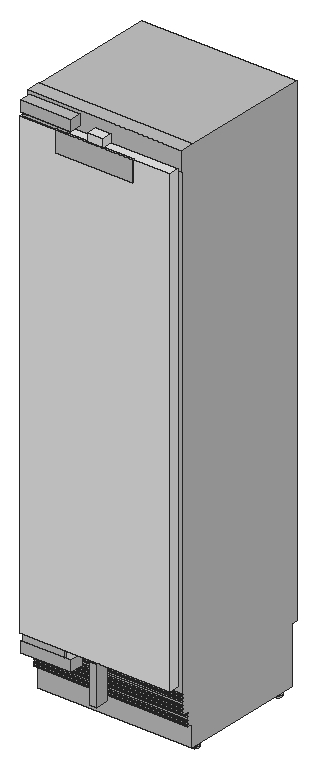
Revit family "FP-Revit18-RS6121SLHK1-Fridge-0-AU-NZ-90001101A", category Specialty Equipment, Revit 2020
Family settings
  Round Connector Dimension = Use Diameter
  Part Type = Normal
  OmniClass Number = 23.40.40.11.11
  OmniClass Title = Refrigerators and Freezers
  Work Plane-Based = No
  Always vertical = Yes
  Cut with Voids When Loaded = Yes
  Shared = No
  Room Calculation Point = No
Parameters (values of type "RS6121SLHE1")
  Visibility - Water Connection = yes
  Visibility - Visibility Control Note = yes
  Visibility - Clearance Required = yes
  URL = "www.fisherpaykel.com"
  Stainless Steel Door Panels (RD6121L10D) = no
  Product - Width = 603 mm  # constant formula
  Product - Height = 2134 mm  # constant formula
  Product - Depth (exl front panel) = 610 mm  # constant formula
  Model = "RS6121SLHE1"
  Material - Handle = Fisher & Paykel - Aluminium
  Material - Door Structure = Fisher & Paykel - White
  Material - Door Front = Fisher & Paykel - Stainless Steel
  Material - Body = Fisher & Paykel - Grey
  Manufacturer = "Fisher & Paykel Appliances"
  Handle Style - Contemporary Square (AHD3-RD21) = no
  Handle Style - Contemporary Round (AHS-RD21) = no
  Description = "61cm Integrated Column Refrigerator with internal water, stainless steel interior"
  Default Elevation = 0 mm
  Connector Description - Water = "1/2 BSP Stainless steel braided hose"
  Connector Description - Electrical = "230 V, 10 amp fused electrical supply"
  Cavity - Width = 610 mm  # constant formula
  Cavity - Height = 2134 mm  # constant formula
  Cavity - Depth = 650 mm  # constant formula
Types (3, lengths in mm): name | Visibility - Water Connection | Model | Description | Connector Description - Water
  (no name) | yes | "RS6121SLHE1" | "61cm Integrated Column Refrigerator with internal water, stainless steel interior" | "1/2 BSP Stainless steel braided hose"
  RS6121SLK1 | no | "RS6121SLK1" | "61cm Integrated Column Refrigerator, stainless steel interior" | "Water Supply not required"
  RS6121SLHE1 | yes | "RS6121SLHE1" | "61cm Integrated Column Refrigerator with internal water, stainless steel interior" | "1/2 BSP Stainless steel braided hose"
Reference planes
  plane 1 "Datum": y = 0
  plane 2: z = 0
  plane 3 "Center (Left/Right)": x = 0
  plane 4 "Product LHS": x = -301.5
  plane 5 "Product RHS": x = 301.5
  plane 6 "Product - Depth": y = 610
  plane 7 "Cavity LHS": x = -305
  plane 8 "Cavity RHS": x = 305
  plane 9 "Cavity - Depth": y = 628
  plane 10 "Handle Offset": x = 238.5
  plane 11 "Product Height": z = 2134
  plane 12 "Cavity Height": z = 2134
  plane 13 "Door Panel Datum": y = -4.1
Forms (mm)
  Extrusion 1, solid, material "Fisher & Paykel - Grey" <- "Material - Body", detail levels fine
    sketch origin (0, 0, 0) x (0, 1, 0) y (0, 0, 1)
      loop
        line (100.1, 19.1) -> (587.9, 19.1) -> (587.9, 239.7) -> (610, 239.7) -> (610, 2131.9) -> (105.1, 2131.9) -> (105.1, 2134) -> (49.9, 2134) -> (49.9, 2059) -> (56, 2059) -> (56, 228.6) -> (59.5, 228.6) -> (59.5, 219.7) -> (56.5, 219.7) -> (56.5, 215.9) -> (59.5, 215.9) -> (59.5, 207) -> (56.5, 207) -> (56.5, 203.2) -> (59.5, 203.2) -> (59.5, 194.3) -> (56.5, 194.3) -> (56.5, 190.5) -> (59.5, 190.5) -> (59.5, 181.6) -> (56.5, 181.6) -> (56.5, 177.8) -> (59.5, 177.8) -> (59.5, 168.9) -> (56.5, 168.9) -> (56.5, 165.1) -> (59.5, 165.1) -> (59.5, 156.2) -> (56.5, 156.2) -> (56.5, 152.4) -> (84.1, 152.4) -> (84.1, 143.5) -> (81.1, 143.5) -> (81.1, 139.7) -> (84.1, 139.7) -> (84.1, 130.8) -> (81.1, 130.8) -> (81.1, 127) -> (84.1, 127) -> (84.1, 118.1) -> (81.1, 118.1) -> (81.1, 114.3) -> (84.1, 114.3) -> (84.1, 105.4) -> (81.1, 105.4) -> (81.1, 101.6) -> (100.1, 101.6) -> (100.1, 19.1)
    from -301.5 to 301.5
  Extrusion 2, solid, material "Fisher & Paykel - Grey" <- "Material - Body"
    sketch origin (0, 0, 0) x (1, 0, 0) y (0, 1, 0)
      loop
        circle (-281, 547.8) r 4.1
      loop
        circle (-281, 141.8) r 4.1
      loop
        circle (281, 547.8) r 4.1
      loop
        circle (281, 141.8) r 4.1
    from 3 to 19.1
  Extrusion 3, solid, material "Fisher & Paykel - Grey" <- "Material - Body"
    sketch origin (0, 0, 0) x (1, 0, 0) y (0, 1, 0)
      loop
        circle (-281, 547.8) r 14.5
      loop
        circle (-281, 141.8) r 14.555
      loop
        circle (281, 547.8) r 14.5
      loop
        circle (281, 141.8) r 14.555
    from 0 to 3
  Extrusion 4, solid, material "Fisher & Paykel - Grey" <- "Material - Body", detail levels fine
    sketch origin (0, 0, 0) x (1, 0, 0) y (0, 1, 0)
      loop
        line (-7.5, 49) -> (-13.797, -4.1) -> (13.797, -4.1) -> (7.5, 49) -> (-7.5, 49)
    from 104.2 to 254.2
  Extrusion 5, solid, material "Fisher & Paykel - Grey" <- "Material - Body", detail levels fine
    sketch origin (0, 0, 0) x (0, 1, 0) y (0, 0, 1)
      loop
        line (0, 2070.6) -> (0, 1988.6) -> (2, 1988.6) -> (2, 2068.6) -> (4, 2068.6) -> (4, 2070.6) -> (0, 2070.6)
    from -150 to 150
  Extrusion 6, solid, material "Fisher & Paykel - Grey" <- "Material - Body"
    sketch origin (0, 0, 0) x (1, 0, 0) y (0, 0, 1)
      loop
        circle (226.5, 119.813) r 5
      loop
        circle (-226.5, 119.813) r 5
    from -590 to -587.9
  Extrusion 7, solid, material "Fisher & Paykel - White" <- "Material - Door Structure"
    sketch origin (0, 0, 0) x (1, 0, 0) y (0, 1, 0)
      loop
        line (-276.5, 56) -> (-276.5, 42) -> (276.5, 42) -> (276.5, 56) -> (-276.5, 56)
    from 269.6 to 2030.7
  Extrusion 8, solid, material "Fisher & Paykel - White" <- "Material - Door Structure"
    sketch origin (0, 0, 0) x (1, 0, 0) y (0, 1, 0)
      loop
        line (-292.9, 42) -> (-292.9, 3) -> (292.9, 3) -> (292.9, 42) -> (-292.9, 42)
    from 254.2 to 2068.6
  Extrusion 9, solid, material "Fisher & Paykel - White" <- "Material - Door Structure", detail levels fine
    sketch origin (0, 0, 0) x (1, 0, 0) y (0, 0, 1)
      loop
        line (-29.5, 2100.1) -> (-29.5, 2068.6) -> (29.5, 2068.6) -> (29.5, 2100.1) -> (-29.5, 2100.1)
    from -42 to -3
  Extrusion 10, solid, material "Fisher & Paykel - Stainless Steel" <- "Material - Door Front", visible <- "Stainless Steel Door Panels (RD6121L10D)"
    sketch origin (0, 0, 0) x (0, 1, 0) y (0, 0, 1)
      loop
        line (-22.1, 2130.8) -> (-22.1, 102) -> (-4.1, 102) -> (-4.1, 2130.8) -> (-22.1, 2130.8)
    from -301.5 to 301.5
  Extrusion 11, solid, material "Fisher & Paykel - Grey" <- "Material - Body", detail levels coarse+medium
    sketch origin (0, 0, 0) x (0, 1, 0) y (0, 0, 1)
      loop
        line (49.9, 2134) -> (49.9, 2059) -> (56, 2059) -> (56, 152.4) -> (81.1, 152.4) -> (81.1, 101.6) -> (100.1, 101.6) -> (100.1, 19.1) -> (587.9, 19.1) -> (587.9, 239.7) -> (610, 239.7) -> (610, 2134) -> (49.9, 2134)
    from -301.5 to 301.5
  Extrusion 12, solid, material "Fisher & Paykel - Grey" <- "Material - Body", detail levels fine
    sketch origin (0, 0, 0) x (-1, 0, 0) y (0, 0, -1)
      loop
        line (289.9, -187.65) -> (95.42, -187.65) -> (95.42, -229.75) -> (289.9, -229.75) -> (289.9, -187.65)
    from -56 to -2.5
  Extrusion 13, solid, material "Fisher & Paykel - Grey" <- "Material - Body", detail levels fine
    sketch origin (0, 0, 0) x (-1, 0, 0) y (0, 0, -1)
      loop
        line (289.9, -2123.15) -> (289.9, -2081.05) -> (95.42, -2081.05) -> (95.42, -2123.15) -> (289.9, -2123.15)
    from -49 to -2.5
  Extrusion 14, solid, material "Fisher & Paykel - Grey" <- "Material - Body", detail levels fine
    sketch origin (0, 0, -4) x (0, 1, 0) y (0, 0, 1)
      loop
        arc (163.888, 23.1) -> (180.4, 13.63) -> (196.912, 23.1) r 19.13
        line (196.912, 23.1) -> (163.888, 23.1)
      loop
        arc (493.888, 23.1) -> (510.4, 13.63) -> (526.912, 23.1) r 19.13
        line (526.912, 23.1) -> (493.888, 23.1)
    from 191 to 219
  Extrusion 15, solid, material "Fisher & Paykel - Grey" <- "Material - Body", detail levels fine
    sketch origin (0, 0, -4) x (0, 1, 0) y (0, 0, -1)
      loop
        line (163.888, -23.1) -> (196.912, -23.1)
        arc (196.912, -23.1) -> (180.4, -13.63) -> (163.888, -23.1) r 19.13
      loop
        line (493.888, -23.1) -> (526.912, -23.1)
        arc (526.912, -23.1) -> (510.4, -13.63) -> (493.888, -23.1) r 19.13
    from 191 to 219
  Extrusion 16, solid, material "Fisher & Paykel - Clearance Required", visible <- "Visibility - Clearance Required", detail levels coarse
    sketch origin (0, 0, 0) x (1, 0, 0) y (0, 1, 0)
      loop
        line (-305, 628) -> (-305, -4.1) -> (305, -4.1) -> (305, 628) -> (-305, 628)
    from 0 to 2134
  Extrusion 17, void
    sketch origin (0, 0, 0) x (1, 0, 0) y (0, 1, 0)
      loop
        line (-305, 628) -> (-305, -22.1) -> (305, -22.1) -> (305, 628) -> (-305, 628)
    from 0 to 2134
  Extrusion 18, solid, material "Fisher & Paykel - Clearance Required", visible <- "Visibility - Clearance Required", detail levels coarse
    sketch origin (0, 0, 0) x (-1, 0, 0) y (0, -1, 0)
      loop
        line (-301.5, 22) -> (301.5, 22)
        arc (301.5, 22) -> (310.614, 38.517) -> (329.447, 39.615) r 19.524
        line (329.447, 39.615) -> (550.259, 513.224) -> (574.757, 501.803)
        arc (574.757, 501.803) -> (598.009, 510.266) -> (589.546, 533.517) r 17.497
        line (589.546, 533.517) -> (565.059, 544.952) -> (584.283, 586.12)
        arc (584.283, 586.12) -> (-13.379, 547.082) -> (-301.5, 22) r 622.524
    from 0 to 2134
  Extrusion 19, solid, material "Fisher & Paykel - Grey" <- "Material - Body", detail levels fine
    sketch origin (0, 0, 0) x (-1, 0, 0) y (0, 0, -1)
      loop
        line (118.4, -254.2) -> (282.9, -254.2) -> (282.9, -229.75) -> (118.4, -229.75) -> (118.4, -254.2)
      loop
        line (106, -2081.05) -> (242.9, -2081.05) -> (282.9, -2076.05) -> (282.9, -2068.6) -> (106, -2068.6) -> (106, -2081.05)
    from -7 to -4
Lines and regions (mm)
  model lines, style "Fisher & Paykel"
    curve 1: line (-301.5, -4.1, 2130.8) -> (301.5, -4.1, 2130.8)
    curve 2: line (-301.5, -4.1, 102) -> (-301.5, -4.1, 2130.8)
    curve 3: line (301.5, -4.1, 102) -> (-301.5, -4.1, 102)
    curve 4: line (301.5, -4.1, 2130.8) -> (301.5, -4.1, 102)
Text (mm)
  text "Due to ongoing product development, product details are subject to change without notice. \nPlease always refer to www.fisherpaykel.com for the most current product information. \n© Fisher & Paykel 2020" at (41.04, -678.295, 0), in view "Ref. Level (Plan)"
Dimensions and locks
  equal spacing: plane 4 "Product LHS", plane 3 "Center (Left/Right)", plane 5 "Product RHS"
  "Product - Width": plane 4 "Product LHS" to plane 5 "Product RHS"
  "Product - Depth (exl front panel)": plane 1 "Datum" to plane 6 "Product - Depth"
  equal spacing: plane 7 "Cavity LHS", plane 3 "Center (Left/Right)", plane 8 "Cavity RHS"
  "Cavity - Width": plane 7 "Cavity LHS" to plane 8 "Cavity RHS"
  plane 4 "Product LHS" to Extrusion 2 sketch curve = 24.6 mm
  plane 4 "Product LHS" to plane 10 "Handle Offset" = 540 mm
  Extrusion 6 sketch curve to Extrusion 1 = 119.887 mm  (x2)
  Extrusion 6 sketch curve to plane 5 "Product RHS" = 75 mm
  plane 4 "Product LHS" to Extrusion 6 sketch curve = 75 mm
  Extrusion 1 sketch curve to Extrusion 1 sketch curve = 82.5 mm
  Extrusion 1 sketch curve to Extrusion 1 sketch curve = 209.5 mm
  Extrusion 3 to level = 3 mm
  Extrusion 11 to Extrusion 8 = 235.1 mm
  Extrusion 11 to Extrusion 7 = 250.5 mm
  Extrusion 11 to Extrusion 11 = 2114.9 mm
  Extrusion 11 to Extrusion 10 = 82.9 mm
  "Product - Height": level to plane 11 "Product Height"
  plane 11 "Product Height" to Extrusion 10 = 3.2 mm
  Extrusion 8 to plane 11 "Product Height" = 65.4 mm
  Extrusion 7 to plane 11 "Product Height" = 103.3 mm
  Extrusion 11 sketch curve to plane 11 "Product Height" = 75 mm
  Extrusion 1 sketch curve to plane 11 "Product Height" = 2.1 mm
  Extrusion 1 sketch curve to plane 11 "Product Height" = 75 mm
  "Cavity - Height": plane 12 "Cavity Height" to level
  plane 1 "Datum" to Extrusion 16 = 628 mm
  plane 1 "Datum" to Extrusion 17 = 628 mm
  Extrusion 19 sketch curve to Extrusion 19 sketch curve = 40 mm
  Extrusion 19 sketch curve to Extrusion 19 sketch curve = 176.9 mm
  plane 3 "Center (Left/Right)" to Extrusion 19 sketch curve = 106 mm
  plane 3 "Center (Left/Right)" to Extrusion 19 sketch curve = 118.4 mm
  "Cavity - Depth": Extrusion 17 to Extrusion 18
  Extrusion 18 to plane 1 "Datum" = 22 mm
  radius of Extrusion 6 sketch curve = 5 mm
  aligned and locked: level to plane 2
  aligned and locked: Extrusion 10 to plane 5 "Product RHS"
  aligned and locked: plane 4 "Product LHS" to Extrusion 10
  aligned and locked: Extrusion 11 to plane 5 "Product RHS"
  aligned and locked: Extrusion 11 to plane 4 "Product LHS"
  aligned and locked: Extrusion 11 sketch curve to plane 11 "Product Height"
  aligned and locked: plane 11 "Product Height" to Extrusion 1 sketch curve
  aligned and locked: Extrusion 14 sketch curve to Extrusion 14 sketch curve
  aligned and locked: Extrusion 15 sketch curve to Extrusion 15 sketch curve
  aligned and locked: Extrusion 1 to plane 5 "Product RHS"
  aligned and locked: plane 4 "Product LHS" to Extrusion 1
  aligned and locked: Extrusion 2 to Extrusion 1
  aligned and locked: nested 3 to plane 10 "Handle Offset"
  aligned and locked: nested 2 to plane 10 "Handle Offset"
Automatic sketch dimensions
  Extrusion 2 sketch curve to plane 4 "Product LHS" = 20.5 mm  (x2)
  plane 5 "Product RHS" to Extrusion 2 sketch curve = 20.5 mm  (x2)
  Extrusion 2 sketch curve to plane 1 "Datum" = 141.8 mm  (x2)
  Extrusion 2 sketch curve to plane 6 "Product - Depth" = 62.2 mm  (x2)
  Extrusion 3 sketch curve to plane 4 "Product LHS" = 20.5 mm  (x2)
  plane 5 "Product RHS" to Extrusion 3 sketch curve = 20.5 mm  (x2)
  Extrusion 3 sketch curve to plane 1 "Datum" = 141.8 mm  (x2)
  Extrusion 3 sketch curve to plane 6 "Product - Depth" = 62.2 mm  (x2)
  plane 1 "Datum" to Extrusion 4 sketch curve = 4.1 mm
  Extrusion 4 sketch curve to plane 3 "Center (Left/Right)" = 13.797 mm
  Extrusion 4 sketch curve to plane 3 "Center (Left/Right)" = 7.5 mm
  plane 3 "Center (Left/Right)" to Extrusion 4 sketch curve = 7.5 mm
  plane 3 "Center (Left/Right)" to Extrusion 4 sketch curve = 13.797 mm
  Extrusion 4 sketch curve to plane 1 "Datum" = 49 mm
  Extrusion 5 sketch curve to plane 1 "Datum" = 0 mm
  Extrusion 5 sketch curve to plane 1 "Datum" = 2 mm
  Extrusion 5 sketch curve to Extrusion 5 sketch curve = 2 mm  (x2)
  plane 11 "Product Height" to Extrusion 5 sketch curve = 145.4 mm
  plane 11 "Product Height" to Extrusion 5 sketch curve = 65.4 mm
  Extrusion 7 sketch curve to plane 4 "Product LHS" = 25 mm
  plane 5 "Product RHS" to Extrusion 7 sketch curve = 25 mm
  Extrusion 7 sketch curve to plane 1 "Datum" = 42 mm
  Extrusion 7 sketch curve to Extrusion 7 sketch curve = 14 mm
  Extrusion 8 sketch curve to plane 1 "Datum" = 3 mm
  Extrusion 8 sketch curve to plane 4 "Product LHS" = 8.6 mm
  plane 5 "Product RHS" to Extrusion 8 sketch curve = 8.6 mm
  Extrusion 8 sketch curve to Extrusion 8 sketch curve = 39 mm
  Extrusion 9 sketch curve to plane 3 "Center (Left/Right)" = 29.5 mm
  plane 3 "Center (Left/Right)" to Extrusion 9 sketch curve = 29.5 mm
  plane 11 "Product Height" to Extrusion 9 sketch curve = 65.4 mm
  Extrusion 9 sketch curve to Extrusion 9 sketch curve = 31.5 mm
  plane 1 "Datum" to Extrusion 10 sketch curve = 22.1 mm
  plane 1 "Datum" to Extrusion 10 sketch curve = 4.1 mm
  level to Extrusion 10 sketch curve = 102 mm
  plane 11 "Product Height" to Extrusion 10 sketch curve = 3.2 mm
  plane 3 "Center (Left/Right)" to Extrusion 12 sketch curve = 95.42 mm
  plane 4 "Product LHS" to Extrusion 12 sketch curve = 11.6 mm
  Extrusion 12 sketch curve to level = 187.65 mm
  Extrusion 12 sketch curve to Extrusion 12 sketch curve = 42.1 mm
  Extrusion 13 sketch curve to plane 11 "Product Height" = 10.85 mm
  plane 3 "Center (Left/Right)" to Extrusion 13 sketch curve = 95.42 mm
  plane 4 "Product LHS" to Extrusion 13 sketch curve = 11.6 mm
  Extrusion 13 sketch curve to Extrusion 13 sketch curve = 42.1 mm
  Extrusion 14 sketch curve to plane 1 "Datum" = 163.888 mm
  Extrusion 14 sketch curve to Extrusion 14 sketch curve = 16.512 mm  (x2)
  Extrusion 14 sketch curve to plane 6 "Product - Depth" = 116.112 mm
  Extrusion 14 sketch curve to Extrusion 14 sketch curve = 9.66 mm  (x2)
  Extrusion 15 sketch curve to plane 1 "Datum" = 163.888 mm
  Extrusion 15 sketch curve to Extrusion 15 sketch curve = 16.512 mm  (x2)
  Extrusion 15 sketch curve to plane 6 "Product - Depth" = 116.112 mm
  Extrusion 15 sketch curve to Extrusion 15 sketch curve = 9.66 mm  (x2)
  Extrusion 16 sketch curve to plane 7 "Cavity LHS" = 0 mm
  Extrusion 16 sketch curve to plane 8 "Cavity RHS" = 0 mm
  Extrusion 16 sketch curve to plane 9 "Cavity - Depth" = 0 mm
  plane 1 "Datum" to Extrusion 16 sketch curve = 4.1 mm
  Extrusion 17 sketch curve to plane 7 "Cavity LHS" = 0 mm
  Extrusion 17 sketch curve to plane 8 "Cavity RHS" = 0 mm
  plane 9 "Cavity - Depth" to Extrusion 17 sketch curve = 0 mm
  plane 1 "Datum" to Extrusion 17 sketch curve = 22.1 mm
  Extrusion 18 sketch curve to Extrusion 18 sketch curve = 0.001 mm
  Extrusion 18 sketch curve to Extrusion 18 sketch curve = 0 mm
  Extrusion 18 sketch curve to plane 5 "Product RHS" = 0 mm
  Extrusion 18 sketch curve to plane 4 "Product LHS" = 0 mm
  Extrusion 18 sketch curve to plane 7 "Cavity LHS" = 16.024 mm
  Extrusion 18 sketch curve to Extrusion 18 sketch curve = 8.422 mm
  Extrusion 18 sketch curve to plane 7 "Cavity LHS" = 245.259 mm
  Extrusion 18 sketch curve to Extrusion 18 sketch curve = 14.8 mm
  Extrusion 18 sketch curve to Extrusion 18 sketch curve = 24.498 mm
  Extrusion 18 sketch curve to Extrusion 18 sketch curve = 7.394 mm  (x2)
  Extrusion 18 sketch curve to Extrusion 18 sketch curve = 19.224 mm
  Extrusion 18 sketch curve to plane 1 "Datum" = 586.12 mm
  Extrusion 18 sketch curve to Extrusion 18 sketch curve = 41.168 mm
  Extrusion 18 sketch curve to Extrusion 18 sketch curve = 15.857 mm
  Extrusion 19 sketch curve to plane 11 "Product Height" = 52.95 mm
  plane 4 "Product LHS" to Extrusion 19 sketch curve = 18.6 mm
  Extrusion 19 sketch curve to Extrusion 19 sketch curve = 5 mm
  Extrusion 19 sketch curve to Extrusion 19 sketch curve = 12.45 mm
  Extrusion 19 sketch curve to level = 254.2 mm
  Extrusion 19 sketch curve to Extrusion 19 sketch curve = 24.45 mm
  Extrusion 11 sketch curve to plane 6 "Product - Depth" = 0 mm
  Extrusion 11 sketch curve to plane 6 "Product - Depth" = 22.1 mm
  Extrusion 11 sketch curve to plane 1 "Datum" = 100.1 mm
  Extrusion 11 sketch curve to Extrusion 11 sketch curve = 19 mm
  Extrusion 11 sketch curve to plane 1 "Datum" = 56 mm
  Extrusion 11 sketch curve to plane 1 "Datum" = 49.9 mm
  level to Extrusion 11 sketch curve = 152.4 mm
  Extrusion 11 sketch curve to Extrusion 11 sketch curve = 50.8 mm
  level to Extrusion 11 sketch curve = 19.1 mm
  Extrusion 11 sketch curve to Extrusion 11 sketch curve = 220.6 mm
  level to Extrusion 14 sketch curve = 19.1 mm
  level to Extrusion 15 sketch curve = 28.76 mm
  Extrusion 1 sketch curve to plane 6 "Product - Depth" = 0 mm
  Extrusion 1 sketch curve to Extrusion 1 sketch curve = 22.1 mm
  Extrusion 1 sketch curve to plane 1 "Datum" = 105.1 mm
  level to Extrusion 1 sketch curve = 19.1 mm
  Extrusion 1 sketch curve to plane 1 "Datum" = 100.1 mm
  Extrusion 1 sketch curve to Extrusion 1 sketch curve = 16 mm
  Extrusion 1 sketch curve to Extrusion 1 sketch curve = 0 mm  (x8)
  Extrusion 1 sketch curve to Extrusion 1 sketch curve = 3 mm  (x10)
  Extrusion 1 sketch curve to plane 1 "Datum" = 59.5 mm
  Extrusion 1 sketch curve to plane 1 "Datum" = 56 mm
  Extrusion 1 sketch curve to plane 1 "Datum" = 49.9 mm
  Extrusion 1 sketch curve to Extrusion 1 sketch curve = 3.8 mm  (x10)
  Extrusion 1 sketch curve to Extrusion 1 sketch curve = 8.9 mm  (x9)
  Extrusion 1 sketch curve to Extrusion 1 sketch curve = 220.6 mm
  plane 5 "Product RHS" to curve 1 = 0 mm
  plane 4 "Product LHS" to curve 3 = 0 mm
  level to curve 3 = 102 mm
  plane 11 "Product Height" to curve 2 = 3.2 mm
  radius of Extrusion 2 sketch curve = 4.1 mm  (x3)
  radius of Extrusion 3 sketch curve = 14.5 mm  (x2)
  radius of Extrusion 3 sketch curve = 14.555 mm  (x2)
  radius of Extrusion 6 sketch curve = 5 mm
Nested families
  nested 1: "Visibility Control Note 18" at (0, 0, 0), visible <- "Visibility - Visibility Control Note", type "Visibility Control Note 18"
  nested 2: "Handle Contemporary Round - Vertical" at (238.5, -22.1, 1242.58), visible <- "Handle Style - Contemporary Round (AHS-RD21)", type "AHS-RD21 - Contemporary round handle (Vertical) 852mm"
  nested 3: "Handle Contemporary Square - Vertical" at (238.5, -22.1, 1242.58), visible <- "Handle Style - Contemporary Square (AHD3-RD21)", type "AHD3-RD21 - Contemporary square handle (Vertical) 852mm"
Connectors
  electrical at (-226.5, 590, 119.813), driven by "Connector Description - Electrical"
    settings: on Extrusion 6, index 1, voltage 230 V, apparent load 0 VA, apparent load phase1 0 VA, apparent load phase2 0 VA, apparent load phase3 0 VA, power factor 1, load classification "Other", number of poles 1, system type 30, power factor state 1, is connector primary yes, connector utility no, sub classification motor no, connector description "230 V, 10 amp fused electrical supply"
  piping at (226.5, 590, 119.813), diameter 12.7, driven by "Connector Description - Water", driven by "Visibility - Water Connection"
    settings: on Extrusion 6, index 2, connector inside diameter 609.6 mm, connector length 0 mm, flow factor 0, pipe flow 0.0 L/s, pressure drop 0.0 Pa, fitting loss kfactor 0, connector angle 0.00°, fixture units 0, engagement length 0 mm, angle of deflection 0.00°, flow configuration 0, flow direction 1, fitting loss method 0, system type 20, joint type 0, gender type 0, connector reference index -1, connector utility 1, adjustable connector no, is connector primary yes, connector description "1/2 BSP Stainless steel braided hose"
Definition of nested family "Handle Contemporary Round - Vertical"
  Parameters (values of type "AHSRS80A - Contemporary round handle (1 of 2) (Vertical) 727mm")
    URL = "www.fisherpaykel.com"
    Material - Handle = none
    Manufacturer = "Fisher & Paykel Appliances"
    Handle - Length = 727 mm
    Default Elevation = 0 mm
  Types (6, lengths in mm): name | Handle - Length
    AHS-RD21 - Contemporary round handle (Vertical) 852mm | 852
    AHSRD2484W - Contemporary round handle (1 of 2) (Vertical) 727mm | 727
    AHSRD3084W - Contemporary round handle (1 of 2) (Vertical) 727mm | 727
    AHS-RD84 - Contemporary round handle (Vertical) 852mm | 852
    AHSRS3272A - Contemporary round handle (1 of 2) (Vertical) 727mm | 727
    AHSRS80A - Contemporary round handle (1 of 2) (Vertical) 727mm | 727
  Reference planes
    plane 1 "Center (Front/Back)": y = 0
    plane 2: z = 0
    plane 3 "Center (Left/Right)": x = 0
    plane 4 "Top": z = 363.5
    plane 5 "Bottom": z = -363.5
    plane 6 "Top Standoff": z = 243.5
    plane 7 "Bottom Standoff": z = -243.5
  Forms (mm)
    Extrusion 1, solid, material <- "Material - Handle"
      sketch origin (0, 0, 0) x (1, 0, 0) y (0, 1, 0)
        loop
          circle (0, -32.3) r 8.7
      from -243.5 to 243.5
    Extrusion 2, solid, material <- "Material - Handle", detail levels fine
      sketch origin (0, 0, 0) x (1, 0, 0) y (0, 1, 0)
        loop
          line (-8.7, 0) -> (-8.7, -32.3)
          arc (-8.7, -32.3) -> (0, -41) -> (8.7, -32.3) r 8.7
          line (8.7, -32.3) -> (8.7, 0) -> (-8.7, 0)
      from 243.5 to 363.5
    Extrusion 3, solid, material <- "Material - Handle", detail levels fine
      sketch origin (0, 0, 0) x (1, 0, 0) y (0, 1, 0)
        loop
          line (-8.7, 0) -> (-8.7, -32.3)
          arc (-8.7, -32.3) -> (0, -41) -> (8.7, -32.3) r 8.7
          line (8.7, -32.3) -> (8.7, 0) -> (-8.7, 0)
      from -363.5 to -243.5
    Sweep 4, void
      path in 3D
        loop
          line (8.7, 0, -363.5) -> (8.7, -32.3, -363.5)
          arc (8.7, -32.3, -363.5) -> (0, -41, -363.5) -> (-8.7, -32.3, -363.5) r 8.7
          line (-8.7, -32.3, -363.5) -> (-8.7, 0, -363.5)
      profile origin (8.7, -16.15, -363.5) x (-1, 0, 0) y (0, 0, -1)
        loop
          line (0, 0) -> (0, -1) -> (1, 0) -> (0, 0)
    Sweep 5, void
      path in 3D
        loop
          line (-8.7, 0, 363.5) -> (-8.7, -32.3, 363.5)
          arc (-8.7, -32.3, 363.5) -> (0, -41, 363.5) -> (8.7, -32.3, 363.5) r 8.7
          line (8.7, -32.3, 363.5) -> (8.7, 0, 363.5)
      profile origin (8.7, -16.15, 363.5) x (-1, 0, 0) y (0, 0, 1)
        loop
          line (0, 0) -> (0, -1) -> (1, 0) -> (0, 0)
    Extrusion 6, solid, material <- "Material - Handle", detail levels coarse+medium
      sketch origin (0, 0, 0) x (1, 0, 0) y (0, 1, 0)
        loop
          line (-8.7, 0) -> (-8.7, -32.3)
          arc (-8.7, -32.3) -> (0, -41) -> (8.7, -32.3) r 8.7
          line (8.7, -32.3) -> (8.7, 0) -> (-8.7, 0)
      from 243.5 to 363.5
    Extrusion 7, solid, material <- "Material - Handle", detail levels coarse+medium
      sketch origin (0, 0, 0) x (1, 0, 0) y (0, 1, 0)
        loop
          line (-8.7, 0) -> (-8.7, -32.3)
          arc (-8.7, -32.3) -> (0, -41) -> (8.7, -32.3) r 8.7
          line (8.7, -32.3) -> (8.7, 0) -> (-8.7, 0)
      from -363.5 to -243.5
  Cuts and joins
    Sweep 4 cuts Extrusion 3
    Sweep 5 cuts Extrusion 2
  Lines and regions (mm)
    sketch lines
      curve 1: line (8.7, 0, -363.5) -> (8.7, -32.3, -363.5)
      curve 2: arc (-8.7, -32.3, -363.5) -> (0, -41, -363.5) -> (8.7, -32.3, -363.5) r 8.7
      curve 3: line (-8.7, -32.3, -363.5) -> (-8.7, 0, -363.5)
      curve 4: line (8.7, -32.3, 363.5) -> (8.7, 0, 363.5)
      curve 5: arc (8.7, -32.3, 363.5) -> (0, -41, 363.5) -> (-8.7, -32.3, 363.5) r 8.7
      curve 6: line (-8.7, 0, 363.5) -> (-8.7, -32.3, 363.5)
  Dimensions and locks
    equal spacing: plane 4 "Top", level, plane 5 "Bottom"
    "Handle - Length": plane 4 "Top" to plane 5 "Bottom"
    locked: plane 4 "Top" to plane 6 "Top Standoff" at 120
    locked: plane 7 "Bottom Standoff" to plane 5 "Bottom" at 120
    Extrusion 2 sketch curve to Extrusion 2 sketch curve = 17.4 mm
    Extrusion 3 sketch curve to Extrusion 3 sketch curve = 17.4 mm
    Extrusion 6 sketch curve to Extrusion 6 sketch curve = 17.4 mm
    Extrusion 7 sketch curve to Extrusion 7 sketch curve = 17.4 mm
    aligned and locked: level to plane 2
    aligned and locked: plane 4 "Top" to Extrusion 2
    aligned and locked: Extrusion 3 to plane 5 "Bottom"
    aligned and locked: plane 7 "Bottom Standoff" to Extrusion 3
    aligned and locked: Extrusion 1 to plane 7 "Bottom Standoff"
    aligned and locked: plane 6 "Top Standoff" to Extrusion 1
    aligned and locked: Extrusion 2 to Extrusion 1
    aligned and locked: Extrusion 6 to Extrusion 1
    aligned and locked: plane 4 "Top" to Extrusion 6
    aligned and locked: Extrusion 7 to Extrusion 1
    aligned and locked: Extrusion 7 to plane 5 "Bottom"
  Automatic sketch dimensions
    Extrusion 1 sketch curve to plane 3 "Center (Left/Right)" = 0 mm
    plane 1 "Center (Front/Back)" to Extrusion 1 sketch curve = 32.3 mm
    plane 1 "Center (Front/Back)" to Extrusion 2 sketch curve = 0 mm
    Extrusion 2 sketch curve to plane 3 "Center (Left/Right)" = 0 mm
    Extrusion 2 sketch curve to plane 3 "Center (Left/Right)" = 8.7 mm
    plane 1 "Center (Front/Back)" to Extrusion 2 sketch curve = 32.3 mm
    plane 1 "Center (Front/Back)" to Extrusion 3 sketch curve = 0 mm
    Extrusion 3 sketch curve to plane 3 "Center (Left/Right)" = 0 mm
    Extrusion 3 sketch curve to plane 3 "Center (Left/Right)" = 8.7 mm
    plane 1 "Center (Front/Back)" to Extrusion 3 sketch curve = 32.3 mm
    Sweep 4 sketch curve to profile plane = 0 mm  (x2)
    Sweep 4 sketch curve to profile plane = 1 mm  (x2)
    Sweep 5 sketch curve to profile plane = 0 mm  (x2)
    Sweep 5 sketch curve to profile plane = 1 mm  (x2)
    Extrusion 6 sketch curve to plane 3 "Center (Left/Right)" = 0 mm
    Extrusion 6 sketch curve to plane 3 "Center (Left/Right)" = 8.7 mm
    plane 1 "Center (Front/Back)" to Extrusion 6 sketch curve = 32.3 mm
    Extrusion 6 sketch curve to Extrusion 6 sketch curve = 32.3 mm
    Extrusion 7 sketch curve to plane 3 "Center (Left/Right)" = 0 mm
    Extrusion 7 sketch curve to plane 3 "Center (Left/Right)" = 8.7 mm
    plane 1 "Center (Front/Back)" to Extrusion 7 sketch curve = 32.3 mm
    Extrusion 7 sketch curve to Extrusion 7 sketch curve = 32.3 mm
    radius of Extrusion 1 sketch curve = 8.7 mm
Definition of nested family "Handle Contemporary Square - Vertical"
  Parameters (values of type "AHD3RS80A - Contemporary square handle (1 of 2) (Vertical) 727mm")
    URL = "www.fisherpaykel.com"
    Material - Handle = none
    Manufacturer = "Fisher & Paykel Appliances"
    Handle - Length = 727 mm
    Default Elevation = 0 mm
  Types (7, lengths in mm): name | Handle - Length
    (no name) | 727
    AHD3-RD21 - Contemporary square handle (Vertical) 852mm | 852
    AHD3RD2484W - Contemporary square handle (1 of 2) (Vertical) 727mm | 727
    AHD3RD3084W - Contemporary square handle (1 of 2) (Vertical) 727mm | 727
    AHD3-RD84 - Contemporary square handle (Vertical) 852mm | 852
    AHD3RS3272A - Contemporary square handle (1 of 2) (Vertical) 727mm | 727
    AHD3RS80A - Contemporary square handle (1 of 2) (Vertical) 727mm | 727
  Reference planes
    plane 1 "Center (Front/Back)": y = 0
    plane 2: z = 0
    plane 3 "Center (Left/Right)": x = 0
    plane 4 "Top": z = 363.5
    plane 5 "Bottom": z = -363.5
    plane 6 "Top Standoff": z = 243.5
    plane 7 "Bottom Standoff": z = -243.5
  Forms (mm)
    Extrusion 1, solid, material <- "Material - Handle", detail levels fine
      sketch origin (0, 0, 0) x (1, 0, 0) y (0, 1, 0)
        loop
          arc (-7.583, -28.701) -> (-7.89, -29.057) -> (-8, -29.514) r 1
          line (-8, -29.514) -> (-8, -40.5)
          arc (-8, -40.5) -> (-7.561, -41.561) -> (-6.5, -42) r 1.5
          line (-6.5, -42) -> (6.5, -42)
          arc (6.5, -42) -> (7.561, -41.561) -> (8, -40.5) r 1.5
          line (8, -40.5) -> (8, -29.487)
          arc (8, -29.487) -> (7.889, -29.029) -> (7.58, -28.673) r 1
          arc (7.58, -28.673) -> (-0.006, -26.256) -> (-7.583, -28.701) r 13.038
      from -363.5 to 363.5
    Extrusion 2, solid, material <- "Material - Handle", detail levels fine
      sketch origin (0, 0, 0) x (1, 0, 0) y (0, 1, 0)
        loop
          arc (7.058, -28.23) -> (7.466, -28.244) -> (7.674, -27.893) r 0.4
          line (7.674, -27.893) -> (7.674, 0) -> (-7.674, 0) -> (-7.674, -27.86)
          arc (-7.674, -27.86) -> (-7.467, -28.21) -> (-7.06, -28.198) r 0.4
          arc (-7.06, -28.198) -> (0.004, -26.156) -> (7.058, -28.23) r 13.136
      from 243.5 to 363.5
    Extrusion 3, solid, material <- "Material - Handle", detail levels fine
      sketch origin (0, 0, 0) x (1, 0, 0) y (0, 1, 0)
        loop
          arc (7.058, -28.23) -> (7.466, -28.244) -> (7.674, -27.893) r 0.4
          line (7.674, -27.893) -> (7.674, 0) -> (-7.674, 0) -> (-7.674, -27.86)
          arc (-7.674, -27.86) -> (-7.467, -28.21) -> (-7.06, -28.198) r 0.4
          arc (-7.06, -28.198) -> (0.004, -26.156) -> (7.058, -28.23) r 13.136
      from -363.5 to -243.5
    Sweep 4, void
      path in 3D
        loop
          line (-8, -29.514, 363.5) -> (-8, -40.5, 363.5)
          arc (-8, -40.5, 363.5) -> (-7.561, -41.561, 363.5) -> (-6.5, -42, 363.5) r 1.5
          line (-6.5, -42, 363.5) -> (6.5, -42, 363.5)
          arc (6.5, -42, 363.5) -> (7.561, -41.561, 363.5) -> (8, -40.5, 363.5) r 1.5
          line (8, -40.5, 363.5) -> (8, -29.487, 363.5)
      profile origin (8, -34.994, 363.5) x (-1, 0, 0) y (0, 0, 1)
        loop
          line (0, 0) -> (0, -1.3) -> (1.3, 0) -> (0, 0)
    Sweep 5, void
      path in 3D
        loop
          line (8, -29.487, -363.5) -> (8, -40.5, -363.5)
          arc (8, -40.5, -363.5) -> (7.561, -41.561, -363.5) -> (6.5, -42, -363.5) r 1.5
          line (6.5, -42, -363.5) -> (-6.5, -42, -363.5)
          arc (-6.5, -42, -363.5) -> (-7.561, -41.561, -363.5) -> (-8, -40.5, -363.5) r 1.5
          line (-8, -40.5, -363.5) -> (-8, -29.514, -363.5)
      profile origin (8, -34.994, -363.5) x (-1, 0, 0) y (0, 0, -1)
        loop
          line (0, 0) -> (0, -1.3) -> (1.3, 0) -> (0, 0)
    Extrusion 6, void
      sketch origin (0, 0, 0) x (1, 0, 0) y (0, 0, 1)
        loop
          line (-8, -362.2) -> (-8, -363.5) -> (-6.7, -363.5) -> (-8, -362.2)
        loop
          line (8, -362.2) -> (6.7, -363.5) -> (8, -363.5) -> (8, -362.2)
      from 0 to 40
    Extrusion 7, void
      sketch origin (0, 0, 0) x (1, 0, 0) y (0, 0, 1)
        loop
          line (-8, 363.5) -> (-8, 362.2) -> (-6.7, 363.5) -> (-8, 363.5)
        loop
          line (8, 363.5) -> (6.7, 363.5) -> (8, 362.2) -> (8, 363.5)
      from 0 to 40
    Extrusion 8, solid, material <- "Material - Handle", detail levels coarse+medium
      sketch origin (0, 0, 0) x (0, 1, 0) y (0, 0, 1)
        loop
          line (0, 363.5) -> (-42, 363.5) -> (-42, -363.5) -> (0, -363.5) -> (0, -243.5) -> (-26.245, -243.5) -> (-26.245, 243.5) -> (0, 243.5) -> (0, 363.5)
      from -8 to 8
  Cuts and joins
    Sweep 4, Sweep 5, Extrusion 6, Extrusion 7 cuts Extrusion 1
    Extrusion 6 cuts Extrusion 3
    Extrusion 7 cuts Extrusion 2
  Lines and regions (mm)
    sketch lines
      curve 1: line (8, -40.5, 363.5) -> (8, -29.487, 363.5)
      curve 2: arc (8, -40.5, 363.5) -> (7.561, -41.561, 363.5) -> (6.5, -42, 363.5) r 1.5
      curve 3: line (-6.5, -42, 363.5) -> (6.5, -42, 363.5)
      curve 4: arc (-6.5, -42, 363.5) -> (-7.561, -41.561, 363.5) -> (-8, -40.5, 363.5) r 1.5
      curve 5: line (-8, -29.514, 363.5) -> (-8, -40.5, 363.5)
      curve 6: line (8, -29.487, -363.5) -> (8, -40.5, -363.5)
      curve 7: arc (6.5, -42, -363.5) -> (7.561, -41.561, -363.5) -> (8, -40.5, -363.5) r 1.5
      curve 8: line (6.5, -42, -363.5) -> (-6.5, -42, -363.5)
      curve 9: arc (-8, -40.5, -363.5) -> (-7.561, -41.561, -363.5) -> (-6.5, -42, -363.5) r 1.5
      curve 10: line (-8, -40.5, -363.5) -> (-8, -29.514, -363.5)
  Dimensions and locks
    equal spacing: plane 4 "Top", level, plane 5 "Bottom"
    "Handle - Length": plane 4 "Top" to plane 5 "Bottom"
    locked: plane 4 "Top" to plane 6 "Top Standoff" at 120
    locked: plane 7 "Bottom Standoff" to plane 5 "Bottom" at 120
    aligned and locked: level to plane 2
    aligned and locked: plane 4 "Top" to Extrusion 2
    aligned and locked: Extrusion 2 to plane 6 "Top Standoff"
    aligned and locked: plane 4 "Top" to Extrusion 1
    aligned and locked: Extrusion 1 to plane 5 "Bottom"
    aligned and locked: Extrusion 3 to plane 5 "Bottom"
    aligned and locked: plane 7 "Bottom Standoff" to Extrusion 3
    aligned and locked: plane 4 "Top" to Extrusion 8 sketch curve
    aligned and locked: plane 6 "Top Standoff" to Extrusion 8 sketch curve
    aligned and locked: plane 7 "Bottom Standoff" to Extrusion 8 sketch curve
    aligned and locked: plane 5 "Bottom" to Extrusion 8 sketch curve
    aligned and locked: plane 1 "Center (Front/Back)" to Extrusion 8 sketch curve  (x2)
  Automatic sketch dimensions
    Extrusion 1 sketch curve to plane 3 "Center (Left/Right)" = 8 mm
    Extrusion 1 sketch curve to Extrusion 1 sketch curve = 1 mm  (x2)
    Extrusion 1 sketch curve to Extrusion 1 sketch curve = 1.5 mm
    plane 3 "Center (Left/Right)" to Extrusion 1 sketch curve = 0.018 mm
    plane 3 "Center (Left/Right)" to Extrusion 1 sketch curve = 6.5 mm
    plane 3 "Center (Left/Right)" to Extrusion 1 sketch curve = 7 mm
    plane 1 "Center (Front/Back)" to Extrusion 1 sketch curve = 42 mm
    Extrusion 1 sketch curve to Extrusion 1 sketch curve = 1.206 mm
    Extrusion 1 sketch curve to Extrusion 1 sketch curve = 10.986 mm
    Extrusion 1 sketch curve to Extrusion 1 sketch curve = 11.013 mm
    Extrusion 1 sketch curve to Extrusion 1 sketch curve = 0 mm
    plane 1 "Center (Front/Back)" to Extrusion 2 sketch curve = 0 mm
    Extrusion 2 sketch curve to plane 3 "Center (Left/Right)" = 7.674 mm
    Extrusion 2 sketch curve to Extrusion 2 sketch curve = 0.4 mm  (x2)
    Extrusion 2 sketch curve to plane 3 "Center (Left/Right)" = 0.026 mm
    plane 3 "Center (Left/Right)" to Extrusion 2 sketch curve = 7.274 mm
    plane 1 "Center (Front/Back)" to Extrusion 2 sketch curve = 27.86 mm
    Extrusion 2 sketch curve to Extrusion 2 sketch curve = 0.033 mm
    Extrusion 2 sketch curve to Extrusion 2 sketch curve = 11.398 mm
    Extrusion 2 sketch curve to Extrusion 2 sketch curve = 0 mm
    plane 1 "Center (Front/Back)" to Extrusion 3 sketch curve = 0 mm
    Extrusion 3 sketch curve to Extrusion 3 sketch curve = 0.4 mm  (x2)
    Extrusion 3 sketch curve to Extrusion 3 sketch curve = 7.248 mm
    Extrusion 3 sketch curve to Extrusion 3 sketch curve = 7.3 mm
    plane 1 "Center (Front/Back)" to Extrusion 3 sketch curve = 27.86 mm
    Extrusion 3 sketch curve to Extrusion 3 sketch curve = 0.033 mm
    Extrusion 3 sketch curve to Extrusion 3 sketch curve = 11.398 mm
    Extrusion 3 sketch curve to Extrusion 3 sketch curve = 0 mm
    Sweep 4 sketch curve to profile plane = 0 mm  (x2)
    Sweep 4 sketch curve to profile plane = 1.3 mm  (x2)
    Sweep 5 sketch curve to profile plane = 0 mm  (x2)
    Sweep 5 sketch curve to profile plane = 1.3 mm  (x2)
    Extrusion 6 sketch curve to plane 5 "Bottom" = 0 mm  (x2)
    plane 5 "Bottom" to Extrusion 6 sketch curve = 1.3 mm  (x2)
    Extrusion 6 sketch curve to plane 3 "Center (Left/Right)" = 8 mm
    Extrusion 6 sketch curve to Extrusion 6 sketch curve = 1.3 mm  (x2)
    plane 3 "Center (Left/Right)" to Extrusion 6 sketch curve = 8 mm
    Extrusion 7 sketch curve to plane 4 "Top" = 0 mm  (x2)
    Extrusion 7 sketch curve to plane 3 "Center (Left/Right)" = 8 mm
    Extrusion 7 sketch curve to Extrusion 7 sketch curve = 1.3 mm  (x2)
    plane 3 "Center (Left/Right)" to Extrusion 7 sketch curve = 8 mm
    Extrusion 7 sketch curve to plane 4 "Top" = 1.3 mm  (x2)
    plane 1 "Center (Front/Back)" to Extrusion 8 sketch curve = 26.245 mm
    plane 1 "Center (Front/Back)" to Extrusion 8 sketch curve = 42 mm
    Extrusion 3 sketch curve to plane 3 "Center (Left/Right)" = 7.674 mm
Definition of nested family "Visibility Control Note 18"
  Types (3): name
    New
    Resolved
    Active
  Reference planes
    plane 1: y = 0
    plane 2: x = 0
  Text (mm)
    text "Edit Type: \nTo control handle kit \nand door panel visibility\n options\n\nDelete unwanted kits \nto reduce file size" at (-0.165, 35.556, 0)
